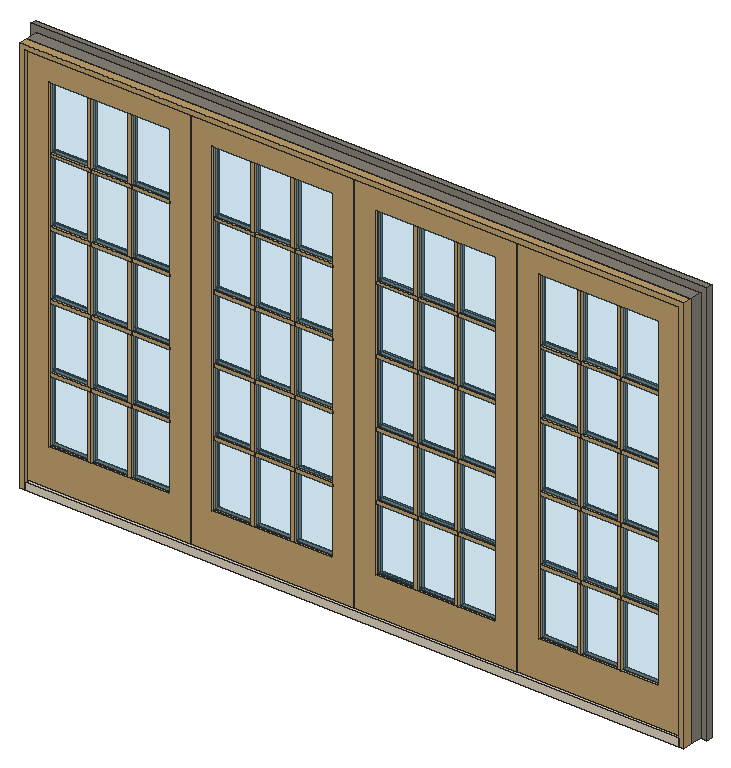
Revit family (continued)
Definition of nested family "Door_Section_Detail"
  Definition of nested family "Jamb_Detail"
    Lines and regions (in)
      detail lines, style "Cut Lines", in view "Ref. Level"
        curve 30: line (5.27462, -3.35547, 0) -> (5.27462, -3.48047, 0)
      detail lines, style "Cut Lines", in view "Ref. Level", visible <- "Flange Visibility"
        curve 9: line (0, 0.045, 0) -> (-1.49897, 0.045, 0)
        curve 10: line (-0.155, 0, 0) -> (-1.49897, 0, 0)
        curve 11: line (-0.155, 0, 0) -> (-0.155, -0.11, 0)
        curve 12: line (0, -0.11, 0) -> (-0.155, -0.11, 0)
        curve 13: line (-1.49897, 0, 0) -> (-1.49897, 0.045, 0)
  Definition of nested family "BMC_Detail"
    Parameters (values of type "BMC_Detail")
      Assembly Code = ""
    Reference planes (in)
      plane 1 "Center (Front/Back)": y = 0
      plane 2: z = 0
      plane 3 "Center (Left/Right)": x = 0
    Lines and regions (in)
      detail lines, style "Cut Lines", in view "Ref. Level"
        curve 1: line (-1.25, 0.71589, 0) -> (-1.25, 1.3125, 0)
        curve 2: line (-1.25, 1.3125, 0) -> (0, 1.3125, 0)
        curve 3: line (0, 0, 0) -> (-1.09375, 0, 0)
        curve 4: line (-1.09375, 0, 0) -> (-1.09375, 0.38081, 0)
        curve 5: line (-1.09375, 0.38081, 0) -> (-1.25, 0.71589, 0)
        curve 6: line (0, 0, 0) -> (0, 1.3125, 0)
  Definition of nested family "Flat_Casing_Detail"
    Parameters (values of type "Flat_Casing_Detail")
      Assembly Code = ""
    Reference planes (in)
      plane 1 "Center (Front/Back)": y = 0
      plane 2: z = 0
      plane 3 "Center (Left/Right)": x = 0
    Lines and regions (in)
      detail lines, style "Cut Lines", in view "Ref. Level"
        curve 1: line (-1.09375, 3, 0) -> (0, 3, 0)
        curve 2: line (0, 0, 0) -> (-1.09375, 0, 0)
        curve 3: line (-1.09375, 0, 0) -> (-1.09375, 3, 0)
        curve 4: line (0, 0, 0) -> (0, 3, 0)
Definition of nested family "Label Annotation 1-16 w5"
  Parameters
    Label = ""
    Egress Info = "EGRESS WDW"
    Description = "3664 FIXED"
  Reference planes (in)
    plane 1: y = 0
    plane 2: x = 0
  Text (in)
    label "Description" at (0.00375, -0.00345, 0), shows "Description"
Definition of nested family "Door_Plan_Detail"
  Parameters (values of type "Door_Plan_Detail")
    XXOO_OOXX = no
    Width = 11' - 11"
    Swing Reverse LH_RH = no
    Swing LH_RH = yes
    Swing Angle = 90.00°
    Panel Width = 2' - 11.06348"
    P3_RH Swing = if(OXXO, Swing Angle, 0.00°)  # 90.00°
    P3_RH Astragal = not(and(OXXO, Swing Reverse LH_RH))  # yes
    P2_RH Swing = Swing Angle  # 90.00°
    P2_RH Astragal = and(XXOO_OOXX, Swing LH_RH)  # no
    P2_RH = XXOO_OOXX  # no
    P2_LH Swing = if(OXXO, Swing Angle, 0.00°)  # 90.00°
    P2_LH Astragal = and(OXXO, Swing Reverse LH_RH)  # no
    P2_LH = not(XXOO_OOXX)  # yes
    P1_LH Swing = if(XXOO_OOXX, Swing Angle, 0.00°)  # 0.00°
    P1_LH Astragal = not(and(XXOO_OOXX, Swing LH_RH))  # yes
    OXXO = yes
    OOOO = no
    Flat Casing = no
    Flange Visibility = not(Casing Visibility)  # no
    Casing Visibility = yes
    BMC = yes
    Assembly Code = ""
  Reference planes (in)
    plane 1 "Center (Front/Back)": y = -3.9375
    plane 2: z = 0
    plane 3: x = 22.06348
    plane 4: y = 0.09375
    plane 5: x = -14.3125
    plane 6: x = -84.56055
    plane 7: x = -120.93652
    plane 8: x = -119.74902
    plane 9: x = 20.87598
    plane 10: x = -84.68555
    plane 11: x = -14.1875
    plane 12: x = -49.43652
  Lines and regions (in)
    Masking region 1, in view "Ref. Level", detail levels coarse+medium
      outline origin (0, 0, 0) x (1, 0, 0) y (0, 1, 0)
        loop
          line (20.87598, 0.625) -> (20.87598, -5.03125) -> (22.06348, -5.03125) -> (22.06348, 0.625) -> (20.87598, 0.625)
    Masking region 2, in view "Ref. Level", detail levels coarse+medium
      outline origin (-108.375, 0, 0) x (0, 1, 0) y (-1, 0, 0)
        loop
          line (0.625, 11.37402) -> (0.625, 12.56152) -> (-5.03125, 12.56152) -> (-5.03125, 11.37402) -> (0.625, 11.37402)
  Dimensions and locks (in)
    locked: plane 1 "Center (Front/Back)" to plane 4 at 4.03125
    "Width": plane 7 to plane 3
    locked: Masking region 2 sketch curve to plane 4 at 0.53125
    locked: Masking region 2 sketch curve to plane 1 "Center (Front/Back)" at 1.09375
    locked: plane 7 to plane 8 at 1.1875
    locked: plane 9 to plane 3 at 1.1875
    "Panel Width": plane 8 to plane 10
    locked: plane 10 to plane 6 at 0.125
    locked: plane 5 to plane 11 at 0.125
    "Panel Width": plane 11 to plane 9
    equal spacing: plane 7, plane 12, plane 3
    aligned and locked: nested 1 to plane 1 "Center (Front/Back)"
    aligned and locked: nested 2 to plane 1 "Center (Front/Back)"
    aligned and locked: nested 1 to plane 7
    aligned and locked: nested 2 to plane 3
    aligned and locked: plane 1 "Center (Front/Back)" to nested 4
    aligned and locked: plane 1 "Center (Front/Back)" to nested 3
    aligned and locked: plane 7 to nested 4
    aligned and locked: plane 3 to nested 3
    aligned and locked: plane 7 to nested 6
    aligned and locked: plane 1 "Center (Front/Back)" to nested 6
    aligned and locked: plane 3 to nested 5
    aligned and locked: plane 1 "Center (Front/Back)" to nested 5
    aligned and locked: Masking region 1 sketch curve to plane 3
    aligned and locked: Masking region 2 sketch curve to plane 7
    aligned and locked: Masking region 2 to Masking region 1 sketch curve
    aligned and locked: Masking region 1 sketch curve to Masking region 2
    aligned and locked: plane 8 to Masking region 2 sketch curve
    aligned and locked: plane 9 to Masking region 1 sketch curve
    aligned and locked: nested 7 to plane 5
    aligned and locked: plane 4 to nested 8
    aligned and locked: plane 4 to nested 7
    aligned and locked: nested 8 to plane 9
    aligned and locked: nested 9 to plane 8
    aligned and locked: nested 10 to plane 6
    aligned and locked: nested 10 to plane 4
    aligned and locked: plane 4 to nested 11
    aligned and locked: nested 11 to plane 6
    aligned and locked: nested 9 to plane 4
  Automatic sketch dimensions
    Masking region 2 sketch curve to plane 7 = 0' - 0"
  Nested families (in)
    nested 1: "Jamb_Detail" at (-120.93652, -3.9375, 0), type "Jamb_Detail", in view "Ref. Level", detail levels fine
    nested 2: "Jamb_Detail" at (22.06348, -3.9375, 0) x (-1, 0, 0) z (0, 0, 1), type "Jamb_Detail", in view "Ref. Level", detail levels fine
    nested 3: "Flat_Casing_Detail" at (22.06348, -3.9375, 0) x (0, 1, 0) z (0, 0, 1), visible <- "Flat Casing", type "Flat_Casing_Detail", in view "Ref. Level", detail levels fine
    nested 4: "Flat_Casing_Detail" at (-120.93652, -3.9375, 0) x (0, 1, 0) z (0, 0, 1), visible <- "Flat Casing", type "Flat_Casing_Detail", in view "Ref. Level", detail levels fine
    nested 5: "BMC_Detail" at (22.06348, -3.9375, 0) x (0, 1, 0) z (0, 0, 1), visible <- "BMC", type "BMC_Detail", in view "Ref. Level", detail levels fine
    nested 6: "BMC_Detail" at (-120.93652, -3.9375, 0) x (0, 1, 0) z (0, 0, 1), visible <- "BMC", type "BMC_Detail", in view "Ref. Level", detail levels fine
    nested 7: "Panel_Swing_Detail" at (4.8125, 0, 0), Swing Angle <- "P3_RH Swing", Mtg Stile <- "P3_RH Astragal", type "Door_Plan_Detail", in view "Ref. Level"
      with Swing Visibility yes, Swing Constraint 90.00°, Swing Angle 90.00°, Mtg Stile yes
    nested 8: "Panel_Swing_Detail" at (40.00098, 0, 0), type "Door_Plan_Detail", in view "Ref. Level"
      with Swing Visibility no, Swing Constraint 3.00°, Swing Angle 0.00°, Mtg Stile yes
    nested 9: "Panel_Swing_Detail" at (-138.87402, 0, 0) x (-1, 0, 0) z (0, 0, 1), Swing Angle <- "P1_LH Swing", Mtg Stile <- "P1_LH Astragal", type "Door_Plan_Detail", in view "Ref. Level"
      with Swing Visibility no, Swing Constraint 3.00°, Swing Angle 0.00°, Mtg Stile yes
    nested 10: "Panel_Swing_Detail" at (-103.68555, 0, 0) x (-1, 0, 0) z (0, 0, 1), visible <- "P2_LH", Swing Angle <- "P2_LH Swing", Mtg Stile <- "P2_LH Astragal", type "Door_Plan_Detail", in view "Ref. Level"
      with Swing Visibility yes, Swing Constraint 90.00°, Swing Angle 90.00°, Mtg Stile no
    nested 11: "Panel_Swing_Detail" at (-30.37207, 0, 0), visible <- "P2_RH", Swing Angle <- "P2_RH Swing", Mtg Stile <- "P2_RH Astragal", type "Door_Plan_Detail", in view "Ref. Level"
      with Swing Visibility yes, Swing Constraint 90.00°, Swing Angle 90.00°, Mtg Stile no
  Definition of nested family "Jamb_Detail"
    Parameters (values of type "Jamb_Detail")
      Flange Visibility = no
      Assembly Code = ""
    Reference planes (in)
      plane 1 "Center (Front/Back)": y = 0
      plane 2: z = 0
      plane 3 "Center (Left/Right)": x = 0
    Lines and regions (in)
      Masking region 1, in view "Ref. Level"
        outline origin (0, 0, 0) x (1, 0, 0) y (0, 1, 0)
          loop
            line (0, 1.09375) -> (0, -4.5625) -> (1.06374, -4.5625) -> (1.06374, -2.18631) -> (1.77792, -2.18631)
            arc (1.77792, -2.18631) -> (1.63018, -0.9546) -> (1.51551, 0.28062) r 46.27589
            line (1.51551, 0.28062) -> (0.93767, 0.28062) -> (0.93767, 0.3871) -> (0.67848, 0.3871) -> (0.67848, 1.09375) -> (0, 1.09375)
      detail lines, style "Cut Lines", in view "Ref. Level", visible <- "Flange Visibility"
        curve 1: line (0, 0.045, 0) -> (-1.49897, 0.045, 0)
        curve 2: line (-0.155, 0, 0) -> (-1.49897, 0, 0)
        curve 3: line (-0.155, 0, 0) -> (-0.155, -0.11, 0)
        curve 4: line (0, -0.11, 0) -> (-0.155, -0.11, 0)
        curve 5: line (-1.49897, 0, 0) -> (-1.49897, 0.045, 0)
  Definition of nested family "Flat_Casing_Detail"
    Parameters (values of type "Flat_Casing_Detail")
      Assembly Code = ""
    Reference planes (in)
      plane 1 "Center (Front/Back)": y = 0
      plane 2: z = 0
      plane 3 "Center (Left/Right)": x = 0
    Lines and regions (in)
      detail lines, style "Cut Lines", in view "Ref. Level"
        curve 1: line (-1.09375, 3, 0) -> (0, 3, 0)
        curve 2: line (0, 0, 0) -> (-1.09375, 0, 0)
        curve 3: line (-1.09375, 0, 0) -> (-1.09375, 3, 0)
        curve 4: line (0, 0, 0) -> (0, 3, 0)
  Definition of nested family "BMC_Detail"
    Parameters (values of type "BMC_Detail")
      Assembly Code = ""
    Reference planes (in)
      plane 1 "Center (Front/Back)": y = 0
      plane 2: z = 0
      plane 3 "Center (Left/Right)": x = 0
    Lines and regions (in)
      detail lines, style "Cut Lines", in view "Ref. Level"
        curve 1: line (-1.25, 0.71589, 0) -> (-1.25, 1.3125, 0)
        curve 2: line (-1.25, 1.3125, 0) -> (0, 1.3125, 0)
        curve 3: line (0, 0, 0) -> (-1.09375, 0, 0)
        curve 4: line (-1.09375, 0, 0) -> (-1.09375, 0.38081, 0)
        curve 5: line (-1.09375, 0.38081, 0) -> (-1.25, 0.71589, 0)
        curve 6: line (0, 0, 0) -> (0, 1.3125, 0)
  Definition of nested family "Panel_Swing_Detail"
    Parameters (values of type "Door_Plan_Detail")
      Swing Visibility [instance] = not(Swing Angle < 3.00°)  # yes
      Swing Constraint [instance] = if(Swing Angle < 3.00°, 3.00°, Swing Angle)  # 90.00°
      Swing Angle [instance] = 90.00°
      Panel Width = 2' - 11.06348"
      Mtg Stile [instance] = yes
      Assembly Code = ""
    Reference planes (in)
      plane 1: z = 0
      plane 2: y = 0.09375
      plane 3: x = -19.125
      plane 4: x = -54.18848
    Lines and regions (in)
      reference lines, in view "Ref. Level"
        curve 1: line (-19.125, 0.09375, 0) -> (-19.125, 35.15723, 0)
      detail lines, style "InvisibleLines", in view "Ref. Level", not visible, detail levels coarse
        curve 2: line (-19.125, 0.09375, 0) -> (-19.125, 35.15723, 0)
      detail lines, in view "Ref. Level", visible <- "Swing Visibility"
        curve 3: arc (-54.18848, 0.09375, 0) -> (-43.91862, 24.88737, 0) -> (-19.125, 35.15723, 0) r 35.06348
    Dimensions and locks (in)
      "Panel Width": curve 1 to curve 1
      "Panel Width": plane 4 to plane 3
      "Panel Width": curve 1 to curve 2
      "Swing Angle": angle nested 1 to plane 2
      "Swing Constraint": angle curve 1 to plane 2
      aligned and locked: plane 2 to curve 1
      aligned and locked: plane 3 to curve 1
      aligned and locked: curve 2 to curve 1  (x2)
      aligned and locked: plane 2 to curve 3
    Automatic sketch dimensions
      curve 3 to plane 4 = 0' - 0"
      curve 2 to plane 2 = 0' - 0"
    Nested families (in)
      nested 1: "Panel_Detail" at (-19.125, 0.09375, 0) x (0, -1, 0) z (0, 0, 1), Mtg Stile <- "Mtg Stile", type "Panel_Detail", in view "Ref. Level"
        with Panel Width 2' - 11.06348"
    Definition of nested family "Panel_Detail"
      Parameters (values of type "Panel_Detail")
        Panel Width = 2' - 11 1/16"
        Mtg Stile [instance] = yes
        Assembly Code = ""
      Reference planes (in)
        plane 1 "Center (Front/Back)": y = 0
        plane 2: z = 0
        plane 3 "Right": x = 0
        plane 4 "Left": x = -35.0625
      Lines and regions (in)
        Masking region 1, in view "Ref. Level", detail levels coarse+medium
          outline origin (0, 0, 0) x (1, 0, 0) y (0, 1, 0)
            loop
              line (-35.0625, 0) -> (-35.0625, -1.75) -> (0, -1.75) -> (0, 0) -> (-35.0625, 0)
        detail lines, style "Cut Lines", in view "Ref. Level", detail levels fine
          curve 1: line (-30.97475, -1.26859, 0) -> (-4.08775, -1.26859, 0)
          curve 2: line (-30.97475, -1.14359, 0) -> (-4.08775, -1.14359, 0)
          curve 3: line (-30.97475, -0.64359, 0) -> (-4.08775, -0.64359, 0)
          curve 4: line (-30.97475, -0.51859, 0) -> (-4.08775, -0.51859, 0)
      Dimensions and locks (in)
        "Panel Width": plane 4 "Left" to plane 3 "Right"
        locked: Masking region 1 sketch curve to plane 1 "Center (Front/Back)" at 1.75
        locked: nested 1 to plane 1 "Center (Front/Back)" at 1.75
        locked: nested 3 to plane 1 "Center (Front/Back)" at 1.75
        locked: nested 2 to plane 1 "Center (Front/Back)" at 1.75
        aligned and locked: plane 1 "Center (Front/Back)" to Masking region 1 sketch curve
        aligned and locked: Masking region 1 sketch curve to plane 4 "Left"
        aligned and locked: Masking region 1 sketch curve to plane 3 "Right"
        aligned and locked: plane 4 "Left" to nested 1
        aligned and locked: nested 2 to plane 3 "Right"
        aligned and locked: plane 4 "Left" to nested 3
      Automatic sketch dimensions
        plane 1 "Center (Front/Back)" to curve 4 = 0' - 0.51859"
        curve 4 to plane 4 "Left" = 0' - 4.08775"
        curve 2 to curve 4 = 0' - 0"
        curve 3 to curve 4 = 0' - 0"
        curve 1 to curve 2 = 0' - 0"  (x2)
        plane 1 "Center (Front/Back)" to curve 3 = 0' - 0.64359"
        curve 3 to plane 3 "Right" = 0' - 4.08775"
        curve 2 to curve 3 = 0' - 0"
        curve 4 to curve 3 = 0' - 0"
        curve 2 to curve 3 = 0' - 0 1/2"
        curve 1 to curve 2 = 0' - 0 1/8"
      Nested families (in)
        nested 1: "Mtg_Stile_Detail" at (-35.0625, -1.75, 0), visible <- "Mtg Stile", type "Stile_Detail", in view "Ref. Level", detail levels fine
        nested 2: "Stile_Detail" at (0, -1.75, 0), type "Stile_Detail", in view "Ref. Level", detail levels fine
        nested 3: "Stile_Detail" at (-35.0625, -1.75, 0) x (-1, 0, 0) z (0, 0, 1), type "Stile_Detail", in view "Ref. Level", detail levels fine
      Definition of nested family "Mtg_Stile_Detail"
        Parameters (values of type "Stile_Detail")
          Assembly Code = ""
        Reference planes (in)
          plane 1 "Center (Front/Back)": y = 0
          plane 2: z = 0
          plane 3 "Center (Left/Right)": x = 0
        Lines and regions (in)
          Masking region 1, in view "Ref. Level"
            outline origin (0, 0, 0) x (0, 1, 0) y (-1, 0, 0)
              loop
                line (0, 0.71385) -> (0, -1.07915) -> (0.9773, -0.97643) -> (1.15549, -0.73983) -> (1.594, -0.62233) -> (1.594, 0.25704) -> (1.13979, 0.37874) -> (0.9637, 0.61256) -> (0, 0.71385)
      Definition of nested family "Stile_Detail"
        Parameters (values of type "Stile_Detail")
          Assembly Code = ""
        Reference planes (in)
          plane 1 "Center (Front/Back)": y = 0
          plane 2: z = 0
          plane 3 "Center (Left/Right)": x = 0
        Lines and regions (in)
          Masking region 1, in view "Ref. Level"
            outline origin (0, 0, 0) x (1, 0, 0) y (0, 1, 0)
              loop
                line (0, -1.75) -> (0, 0) -> (-4.54196, 0) -> (-4.54196, -0.17227) -> (-4.75, -0.38031) -> (-4.75, -0.4375) -> (-4.02516, -0.4375) -> (-4.02516, -1.26261) -> (-4.75, -1.26261) -> (-4.75, -1.40858) -> (-4.55291, -1.75) -> (0, -1.75)
          detail lines, style "Cut Lines", in view "Ref. Level"
            curve 1: line (-4.08775, -0.48141, 0) -> (-4.08775, -0.60641, 0)
            curve 2: line (-4.21275, -1.10641, 0) -> (-4.21275, -0.60641, 0)
            curve 3: line (-4.46275, -1.10641, 0) -> (-4.46275, -0.60641, 0)
            curve 4: line (-4.08775, -1.10641, 0) -> (-4.08775, -1.23141, 0)
